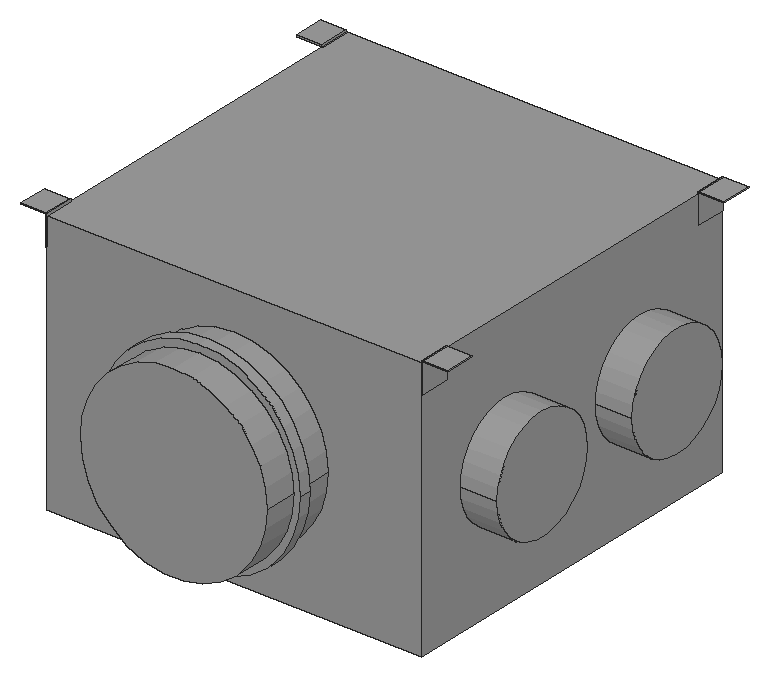
Revit family "SA_FASU(F5-150 250Φ)", category ダクト付属品, Revit 2021
Family settings
  丸型コネクタ寸法 = 直径を使用
  パーツ タイプ = ダンパー
  OmniClass 番号 = 23.75.00.00
  OmniClass タイトル = Climate Control (HVAC)
  作業面ベース = いいえ
  常に垂直 = はい
  ロード時にボイドで切り取り = いいえ
  共有 = いいえ
Parameters
  高さ = 350 mm
  風量 [instance] = 0.0 L/s
  符号 = "FASU"
  形式 = "F5-150 250φ"
  幅 [instance] = 500 mm
  奥行き = 500 mm
  大きさ = 250 mm
  呼称 = "FASUチャンバー"
  付属品_下端レベル [instance] = 0 mm
  マテリアル [instance] = 既定値
  ダクト_イン = 250 mm
  ダクト_アウト = 150 mm
  既定の高さ = 0 mm
Reference planes
  plane 1 "中心(正面/背面)": y = 0
  plane 2: z = 0
  plane 3 "中心(左/右)": x = 0
  plane 4: x = -250
  plane 5: x = 250
  plane 6: y = -500
  plane 7: z = 350
  plane 8: z = 175
  plane 9: z = 266.963
  plane 10: z = 86.159
  plane 11: x = -125
  plane 12: x = 125
  plane 13: x = -135
  plane 14: x = 135
  plane 15: x = -251
  plane 16: z = 313.122
  plane 17: z = 352.122
  plane 18: y = -250
Forms (mm)
  Extrusion 1, solid, material "既定値" <- "マテリアル"
    sketch origin (0, 0, 0) x (1, 0, 0) y (0, 1, 0)
      loop
        line (-250, 0) -> (-250, -500) -> (250, -500) -> (250, 0) -> (-250, 0)
    from 0 to 350
  Extrusion 2, solid, material "既定値" <- "マテリアル"
    sketch origin (0, -30, 0) x (1, 0, 0) y (0, 0, 1)
      loop
        circle (0, 175) r 125
    from 470 to 512.5
  Extrusion 3, solid, material "既定値" <- "マテリアル"
    sketch origin (0, -30, 0) x (1, 0, 0) y (0, 0, 1)
      loop
        circle (0, 175) r 135
    from 512.5 to 527.5
  Extrusion 4, solid, material "既定値" <- "マテリアル"
    sketch origin (0, -117.5, 0) x (1, 0, 0) y (0, 0, 1)
      loop
        circle (0, 175) r 125
    from 440 to 482.5
  Extrusion 5, solid, material "既定値" <- "マテリアル"
    sketch origin (0, -30, 0) x (0, 1, 0) y (0, 0, 1)
      loop
        circle (-332.5, 175) r 74.985
    from -300 to -250
  Extrusion 6, solid, material "既定値" <- "マテリアル"
    sketch origin (550, -30, 0) x (0, 1, 0) y (0, 0, 1)
      loop
        circle (-332.5, 175) r 74.985
    from -300 to -250
  Extrusion 7, solid, material "既定値" <- "マテリアル"
    sketch origin (0, -30, 0) x (1, 0, 0) y (0, 1, 0)
      loop
        line (-250, 30) -> (-251, 30) -> (-251, -10) -> (-250, -10) -> (-250, 30)
    from 313.122 to 350
  Extrusion 8, solid, material "既定値" <- "マテリアル"
    sketch origin (0, -30, 0) x (1, 0, 0) y (0, 1, 0)
      loop
        line (-285, 30) -> (-285, -10) -> (-251, -10) -> (-251, 30) -> (-285, 30)
    from 352.122 to 350
  Extrusion 9, solid, material "既定値" <- "マテリアル"
    sketch origin (0, -30, 0) x (-1, 0, 0) y (0, -1, 0)
      loop
        line (-250, -30) -> (-250, 10) -> (-251, 10) -> (-251, -30) -> (-250, -30)
    from 313.122 to 353.122
  Extrusion 10, solid, material "既定値" <- "マテリアル"
    sketch origin (0, -30, 0) x (-1, 0, 0) y (0, -1, 0)
      loop
        line (-285, -30) -> (-251, -30) -> (-251, 10) -> (-285, 10) -> (-285, -30)
    from 352.122 to 353.122
  Extrusion 11, solid, material "既定値" <- "マテリアル"
    sketch origin (0, -490, 0) x (1, 0, 0) y (0, 1, 0)
      loop
        line (-285, 30) -> (-285, -10) -> (-251, -10) -> (-251, 30) -> (-285, 30)
    from 352.122 to 353.122
  Extrusion 12, solid, material "既定値" <- "マテリアル"
    sketch origin (0, -490, 0) x (1, 0, 0) y (0, 1, 0)
      loop
        line (-250, 30) -> (-251, 30) -> (-251, -10) -> (-250, -10) -> (-250, 30)
    from 313.122 to 353.122
  Extrusion 13, solid, material "既定値" <- "マテリアル"
    sketch origin (0, -490, 0) x (-1, 0, 0) y (0, -1, 0)
      loop
        line (-285, -30) -> (-251, -30) -> (-251, 10) -> (-285, 10) -> (-285, -30)
    from 352.122 to 353.122
  Extrusion 14, solid, material "既定値" <- "マテリアル"
    sketch origin (0, -490, 0) x (-1, 0, 0) y (0, -1, 0)
      loop
        line (-250, -30) -> (-250, 10) -> (-251, 10) -> (-251, -30) -> (-250, -30)
    from 313.122 to 353.122
  Extrusion 15, solid, material "既定値" <- "マテリアル"
    sketch origin (-332.5, 300, 0) x (-1, 0, 0) y (0, 0, 1)
      loop
        circle (-332.5, 175) r 74.985
    from -300 to -250
  Extrusion 16, solid, material "既定値" <- "マテリアル"
    sketch origin (550, -470, 0) x (0, -1, 0) y (0, 0, -1)
      loop
        circle (-332.5, -175) r 74.985
    from -300 to -250
  Extrusion 17, solid, material "既定値" <- "マテリアル"
    sketch origin (-550, -470, 0) x (0, -1, 0) y (0, 0, 1)
      loop
        circle (-332.5, 175) r 74.985
    from -300 to -250
Lines and regions (mm)
  model lines
    curve 1: line (-250, -30, 0) -> (250, -30, 0)
    curve 2: line (-250, -470, 0) -> (250, -470, 0)
Text (mm)
  text "FASU(F5-150 250Φ)" at (120.822, -450.782, 0), in view "参照レベル"
Dimensions and locks
  equal spacing: plane 4, plane 3 "中心(左/右)", plane 5
  "幅": plane 4 to plane 5
  "奥行き": plane 6 to plane 1 "中心(正面/背面)"
  "高さ": plane 7 to level
  equal spacing: plane 7, plane 8, level
  equal spacing: plane 6, plane 18, plane 1 "中心(正面/背面)"
  aligned and locked: level to plane 2
  aligned and locked: Extrusion 1 sketch curve to plane 5
  aligned and locked: plane 7 to Extrusion 1
  aligned and locked: plane 4 to Extrusion 5
  aligned and locked: Extrusion 6 to plane 5
  aligned and locked: Extrusion 7 sketch curve to Extrusion 1
  aligned and locked: plane 7 to Extrusion 7
  aligned and locked: Extrusion 8 sketch curve to Extrusion 7
  aligned and locked: Extrusion 7 to Extrusion 8 sketch curve
  aligned and locked: plane 7 to Extrusion 8
  aligned and locked: Extrusion 8 to plane 17
  aligned and locked: Extrusion 9 to Extrusion 10 sketch curve
  aligned and locked: Extrusion 10 sketch curve to Extrusion 9
  aligned and locked: Extrusion 3 to Extrusion 4
  aligned and locked: Extrusion 3 to Extrusion 2
  aligned and locked: Extrusion 1 to Extrusion 13
  aligned and locked: Extrusion 11 to Extrusion 1
  aligned and locked: Extrusion 12 to Extrusion 1
  aligned and locked: Extrusion 1 to Extrusion 14
  aligned and locked: Extrusion 14 to Extrusion 13
  aligned and locked: Extrusion 12 to Extrusion 11
  aligned and locked: plane 4 to Extrusion 12
  aligned and locked: Extrusion 14 to plane 5
  aligned and locked: plane 4 to curve 1
  aligned and locked: plane 5 to curve 1
  aligned and locked: plane 5 to curve 2
  aligned and locked: plane 4 to curve 2
  aligned and locked: Extrusion 1 to Extrusion 8
  aligned and locked: Extrusion 10 to Extrusion 1
  aligned and locked: Extrusion 9 to plane 5
  aligned and locked: Extrusion 15 to Extrusion 1
  aligned and locked: Extrusion 1 to plane 6
  aligned and locked: Extrusion 1 to plane 1 "中心(正面/背面)"
  aligned and locked: plane 6 to Extrusion 2
  aligned and locked: Extrusion 16 to plane 5
  aligned and locked: plane 4 to Extrusion 17
Automatic sketch dimensions
  plane 6 to curve 2 = 30 mm
  plane 1 "中心(正面/背面)" to curve 1 = 30 mm
  Extrusion 1 sketch curve to plane 4 = 0 mm
  Extrusion 1 sketch curve to plane 6 = 0 mm
  plane 1 "中心(正面/背面)" to Extrusion 1 sketch curve = 0 mm
  Extrusion 2 sketch curve to plane 3 "中心(左/右)" = 0 mm
  Extrusion 2 sketch curve to plane 8 = 0 mm
  Extrusion 3 sketch curve to plane 3 "中心(左/右)" = 0 mm
  Extrusion 3 sketch curve to plane 8 = 0 mm
  Extrusion 4 sketch curve to plane 3 "中心(左/右)" = 0 mm
  Extrusion 4 sketch curve to plane 8 = 0 mm
  Extrusion 5 sketch curve to plane 8 = 0 mm
  Extrusion 6 sketch curve to plane 8 = 0 mm
  plane 1 "中心(正面/背面)" to Extrusion 7 sketch curve = 0 mm
  Extrusion 7 sketch curve to plane 15 = 0 mm
  Extrusion 7 sketch curve to Extrusion 7 sketch curve = 40 mm
  plane 1 "中心(正面/背面)" to Extrusion 8 sketch curve = 0 mm
  Extrusion 8 sketch curve to Extrusion 8 sketch curve = 34 mm
  plane 1 "中心(正面/背面)" to Extrusion 9 sketch curve = 0 mm
  Extrusion 9 sketch curve to plane 5 = 0 mm
  Extrusion 9 sketch curve to Extrusion 9 sketch curve = 1 mm
  Extrusion 9 sketch curve to Extrusion 9 sketch curve = 40 mm
  plane 1 "中心(正面/背面)" to Extrusion 10 sketch curve = 0 mm
  Extrusion 10 sketch curve to Extrusion 10 sketch curve = 34 mm
  Extrusion 11 sketch curve to plane 6 = 0 mm
  Extrusion 11 sketch curve to plane 15 = 0 mm
  Extrusion 11 sketch curve to Extrusion 11 sketch curve = 34 mm
  Extrusion 12 sketch curve to plane 15 = 0 mm
  Extrusion 12 sketch curve to plane 4 = 0 mm
  Extrusion 12 sketch curve to plane 6 = 0 mm
  Extrusion 13 sketch curve to plane 6 = 0 mm
  Extrusion 13 sketch curve to plane 5 = 35 mm
  Extrusion 13 sketch curve to plane 5 = 1 mm
  Extrusion 14 sketch curve to plane 6 = 0 mm
  Extrusion 14 sketch curve to plane 5 = 0 mm
  Extrusion 14 sketch curve to Extrusion 14 sketch curve = 1 mm
  Extrusion 15 sketch curve to plane 3 "中心(左/右)" = 0 mm
  Extrusion 15 sketch curve to plane 8 = 0 mm
  Extrusion 16 sketch curve to plane 8 = 0 mm
  plane 18 to Extrusion 16 sketch curve = 112.5 mm
  Extrusion 17 sketch curve to plane 8 = 0 mm
  plane 18 to Extrusion 17 sketch curve = 112.5 mm
  Extrusion 5 sketch curve to plane 18 = 112.5 mm
  Extrusion 6 sketch curve to plane 18 = 112.5 mm
  plane 6 to Extrusion 11 sketch curve = 40 mm
  plane 6 to Extrusion 12 sketch curve = 40 mm
  Extrusion 13 sketch curve to plane 6 = 40 mm
  Extrusion 14 sketch curve to plane 6 = 40 mm
  radius of Extrusion 2 sketch curve = 125 mm
  radius of Extrusion 3 sketch curve = 135 mm
  radius of Extrusion 4 sketch curve = 125 mm
  radius of Extrusion 5 sketch curve = 74.985 mm
  radius of Extrusion 6 sketch curve = 74.985 mm
  radius of Extrusion 15 sketch curve = 74.985 mm
  radius of Extrusion 16 sketch curve = 74.985 mm
  radius of Extrusion 17 sketch curve = 74.985 mm
Connectors
  hvac at (300, -362.5, 175), driven by "ダクト_アウト"
    settings: on Extrusion 6, index 11, duct flow 0.0 L/s, flow factor 0, pres drop 0.0 Pa, loss coef 0, conn angle 0.00°, conn width 304.8 mm, conn height 304.8 mm, conn diameter 150 mm, duct sys type 29, conn prof type 0, flow config 0, flow direction 2, loss method 0, conn ref index -1, conn util no, is conn primary yes, conn desc ""
  hvac at (-300, -362.5, 175), driven by "ダクト_アウト"
    settings: on Extrusion 5, index 12, duct flow 0.0 L/s, flow factor 0, pres drop 0.0 Pa, loss coef 0, conn angle 0.00°, conn width 304.8 mm, conn height 304.8 mm, conn diameter 150 mm, duct sys type 29, conn prof type 0, flow config 0, flow direction 0, loss method 0, conn ref index -1, conn util no, is conn primary no, conn desc ""
  hvac at (-300, -137.5, 175), driven by "ダクト_アウト"
    settings: on Extrusion 17, index 13, duct flow 0.0 L/s, flow factor 0, pres drop 0.0 Pa, loss coef 0, conn angle 0.00°, conn width 304.8 mm, conn height 304.8 mm, conn diameter 150 mm, duct sys type 29, conn prof type 0, flow config 0, flow direction 0, loss method 0, conn ref index -1, conn util no, is conn primary no, conn desc ""
  hvac at (0, 50, 175), driven by "ダクト_アウト"
    settings: on Extrusion 15, index 14, duct flow 0.0 L/s, flow factor 0, pres drop 0.0 Pa, loss coef 0, conn angle 0.00°, conn width 304.8 mm, conn height 304.8 mm, conn diameter 150 mm, duct sys type 29, conn prof type 0, flow config 0, flow direction 0, loss method 0, conn ref index -1, conn util no, is conn primary no, conn desc ""
  hvac at (300, -137.5, 175), driven by "ダクト_アウト"
    settings: on Extrusion 16, index 15, duct flow 0.0 L/s, flow factor 0, pres drop 0.0 Pa, loss coef 0, conn angle 0.00°, conn width 304.8 mm, conn height 304.8 mm, conn diameter 150 mm, duct sys type 29, conn prof type 0, flow config 0, flow direction 0, loss method 0, conn ref index -1, conn util no, is conn primary no, conn desc ""
  hvac at (0, -600, 175), driven by "ダクト_イン"
    settings: on Extrusion 4, index 16, duct flow 0.0 L/s, flow factor 0, pres drop 0.0 Pa, loss coef 0, conn angle 0.00°, conn width 304.8 mm, conn height 304.8 mm, conn diameter 250 mm, duct sys type 29, conn prof type 0, flow config 0, flow direction 1, loss method 0, conn ref index -1, conn util no, is conn primary no, conn desc ""
